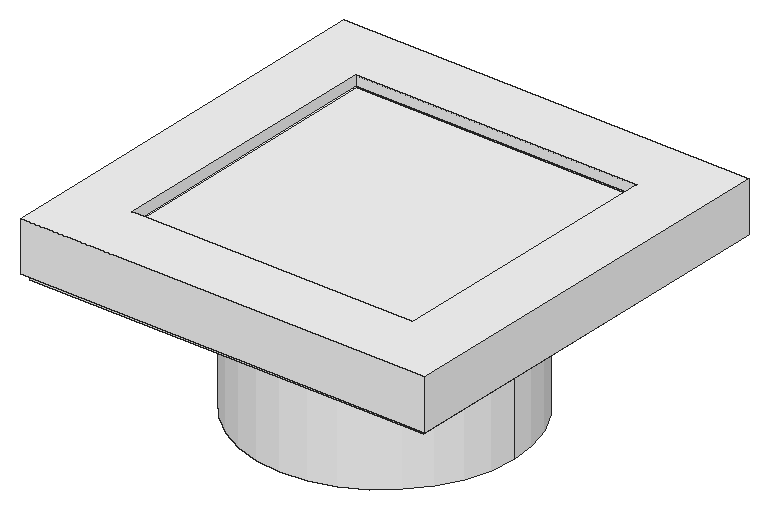
Revit family "Gira_029601", category Electrical Fixtures, host Face, Revit 2017
Family settings
  Host = Face
  Maintain Annotation Orientation = Yes
  Round Connector Dimension = Use Diameter
  Part Type = Normal
  Cut with Voids When Loaded = No
  Shared = No
  Room Calculation Point = No
Parameters (values of type "Wippe System 55 Cremeweiß")
  White [instance] = White
  Werkstoffgüte = "Thermoplast"
  Werkstoff = "Kunststoff"
  Verwendung = "Schalter/Taster"
  URL = "http://katalog.gira.de/de_DE/datenblatt.html?artikelnr=029601"
  Region = "DE"
  RAL-Nummer (ähnlich) = "1013 "
  Oberfläche = "sonstige"
  Name = "Wippe System 55 Cremeweiß"
  Model = "Sys55_Komplettgerät_Schalten und Tasten"
  Mit austauschbarer Linse/Symbol = "No"
  Mit Beschriftungsfeld = "No"
  Manufacturer URL = "https://www.gira.de/"
  Kontrollfenster/Lichtauslass = "No"
  HeinzeBIM = "https://bimportal.heinze.de/bim/wippe-system-55-cremeweiss/b40bf290821980a04723846c06a7309ba4703442"
  Halogenfrei = "Yes"
  HAN = "029601"
  Geeignet für Schutzart (IP) = "IP20"
  Geeignet für Bussystem-Tasterankopplung = "Yes"
  GTIN = "4010337296010"
  Farbe = "cremeweiß (elektroweiß)"
  Default Elevation = 1219.2 mm
  Data sheet (1) = "https://katalog.gira.de/de_DE/download.html?artikelnr=029601"
  Category = "Abdeckung/Bedienelement für Installationsschalterprogramme"
  Befestigungsart = "Klemmbefestigung"
  Available = "Yes"
  Ausführung der Oberfläche = "glänzend"
  Ausführung = "einteilige Wippe"
  Aufdruck/Kennzeichnung = "ohne Aufdruck"
  Abtastbares Symbol/barrierefrei = "No"
Reference planes
  plane 1 "Center (Front/Back)": y = 0
  plane 2: z = 0
  plane 3 "Center (Left/Right)": x = 0
Forms (mm)
  Extrusion 1, solid, material "White" <- "White", detail levels medium
    sketch origin (0, 0, 0) x (1, 0, 0) y (0, 1, 0)
      loop
        line (-40.4, 40.4) -> (-40.4, -40.4) -> (40.4, -40.4) -> (40.4, 40.4) -> (-40.4, 40.4)
      loop
        line (-28, 28) -> (-28, -28) -> (28, -28) -> (28, 28) -> (-28, 28)
    from 0 to 10
  Extrusion 2, solid, material "White" <- "White", detail levels fine
    sketch origin (0, 0, 0) x (1, 0, 0) y (0, 1, 0)
      loop
        line (-40.4, 40.4) -> (-40.4, -40.4) -> (40.4, -40.4) -> (40.4, 40.4) -> (-40.4, 40.4)
      loop
        line (-28, 28) -> (-28, -28) -> (28, -28) -> (28, 28) -> (-28, 28)
    from 0 to 10
  Extrusion 3, void
    sketch origin (0, 0, 0) x (1, 0, 0) y (0, 1, 0)
      loop
        line (-38.4, 38.4) -> (-38.4, -38.4) -> (38.4, -38.4) -> (38.4, 38.4) -> (-38.4, 38.4)
    from 0 to 8
  Extrusion 4, solid, material "White" <- "White", detail levels medium+fine
    sketch origin (0, 0, 0) x (1, 0, 0) y (0, 1, 0)
      loop
        line (-39.4, 39.4) -> (-39.4, -39.4) -> (39.4, -39.4) -> (39.4, 39.4) -> (-39.4, 39.4)
    from 0 to -1
  Extrusion 5, solid, material "White" <- "White", detail levels medium+fine
    sketch origin (0, 0, 0) x (1, 0, 0) y (0, 1, 0)
      loop
        line (-35.5, 35.5) -> (-35.5, -35.5) -> (35.5, -35.5) -> (35.5, 35.5) -> (-35.5, 35.5)
    from -2 to -3
  Extrusion 6, solid, material "White" <- "White", detail levels medium+fine
    sketch origin (0, 0, 0) x (1, 0, 0) y (0, 1, 0)
      loop
        circle (0, 0) r 26
    from 0 to -27.5
  Extrusion 7, solid, material "White" <- "White", detail levels coarse
    sketch origin (0, 0, 0) x (1, 0, 0) y (0, 1, 0)
      loop
        line (-40.4, 40.4) -> (-40.4, -40.4) -> (40.4, -40.4) -> (40.4, 40.4) -> (-40.4, 40.4)
    from -27.5 to 10
Cuts and joins
  Extrusion 3 cuts Extrusion 2
Dimensions and locks
  aligned and locked: plane 2 to host face
  aligned and locked: level to host face
  aligned and locked: plane 3 "Center (Left/Right)" to nested 2
  aligned and locked: plane 1 "Center (Front/Back)" to nested 2
Nested families
  nested 1: "Sys55_Abdeckung_Schalten und Tasten_floor_base" at (0, 0, 0), type "Sys55_Abdeckung_Schalten und Tasten_floor_base"
  nested 2: "Schalter" at (0, 0, 0), type "Schalter"
Connectors
  electrical at (0, 0, -27.5)
    settings: on Extrusion 6, index 1, voltage 220 V, apparent load 0 VA, apparent load phase1 0 VA, apparent load phase2 0 VA, apparent load phase3 0 VA, power factor 1, load classification "Other", number of poles 1, system type 30, power factor state 1, is connector primary yes, connector utility no, sub classification motor no, connector description ""
Definition of nested family "Sys55_Abdeckung_Schalten und Tasten_floor_base"
  Parameters
    Default Elevation = 1219.2 mm
    White [instance] = none
  Reference planes
    plane 1 "Center (Front/Back)": y = 0
    plane 2: z = 0
    plane 3 "Center (Left/Right)": x = 0
  Forms (mm)
    Extrusion 1, solid
      sketch origin (0, 0, 0) x (1, 0, 0) y (0, 1, 0)
        loop
          line (-1219.2, 1219.2) -> (-1219.2, -1219.2) -> (1219.2, -1219.2) -> (1219.2, 1219.2) -> (-1219.2, 1219.2)
      from 0 to -304.8
    Extrusion 2, solid, material <- "White", detail levels fine
      sketch origin (0, 0, 0) x (1, 0, 0) y (0, 1, 0)
        loop
          line (-27.5, 27.5) -> (-27.5, -27.5) -> (27.5, -27.5) -> (27.5, 27.5) -> (-27.5, 27.5)
      from 0 to 8
    Extrusion 3, void
      sketch origin (0, 0, 0) x (1, 0, 0) y (0, 1, 0)
        loop
          line (26, 26) -> (-26, 26) -> (-26, -26) -> (26, -26) -> (26, 26)
      from 0 to 6
    Extrusion 4, solid, material <- "White", detail levels medium
      sketch origin (0, 0, 0) x (1, 0, 0) y (0, 1, 0)
        loop
          line (-27.5, 27.5) -> (-27.5, -27.5) -> (27.5, -27.5) -> (27.5, 27.5) -> (-27.5, 27.5)
      from 0 to 8
    Extrusion 5, solid, material <- "White", detail levels medium
      sketch origin (0, 0, 0) x (1, 0, 0) y (0, 1, 0)
        loop
          line (11, -17.5) -> (11, 17.5) -> (-11, 17.5) -> (-11, -17.5) -> (11, -17.5)
      from -6 to 6
    Extrusion 6, solid, material <- "White", detail levels fine
      sketch origin (0, 0, 0) x (1, 0, 0) y (0, 1, 0)
        loop
          line (11, 17.5) -> (-11, 17.5) -> (-11, 16.5) -> (11, 16.5) -> (11, 17.5)
        loop
          line (-11, -16.5) -> (-11, -17.5) -> (11, -17.5) -> (11, -16.5) -> (-11, -16.5)
      from -4 to 6
    Extrusion 7, solid, material <- "White", detail levels fine
      sketch origin (0, 0, 0) x (1, 0, 0) y (0, 1, 0)
        loop
          arc (5, 9.347) -> (0, 10.6) -> (-5, 9.347) r 10.6
          line (-5, 9.347) -> (-5, -9.347)
          arc (-5, -9.347) -> (0, -10.6) -> (5, -9.347) r 10.6
          line (5, -9.347) -> (5, 9.347)
      from -6 to 6
    Extrusion 8, solid, material <- "White", detail levels coarse
      sketch origin (0, 0, 0) x (1, 0, 0) y (0, 1, 0)
        loop
          line (-27.5, 27.5) -> (-27.5, -27.5) -> (27.5, -27.5) -> (27.5, 27.5) -> (-27.5, 27.5)
      from -6 to 8
  Cuts and joins
    Extrusion 3 cuts Extrusion 2
  Dimensions and locks
    aligned and locked: plane 2 to Extrusion 1
    aligned and locked: level to Extrusion 1
Definition of nested family "Schalter"
  Reference planes
    plane 1: y = 0
    plane 2: x = 0
  Lines and regions (mm)
    detail lines
      curve 1: circle (1.375, 2.778, 0) r 0.8 normal (0, 0, 1)
      curve 2: line (1.021, 2.061, 0) -> (0, 0, 0)
      curve 3: line (0, 0, 0) -> (-0.538, 0.266, 0)
  Dimensions and locks
    curve 2 to curve 2 = 2.3 mm
    curve 3 to curve 2 = 0.6 mm
    radius of curve 1 = 0.8 mm
